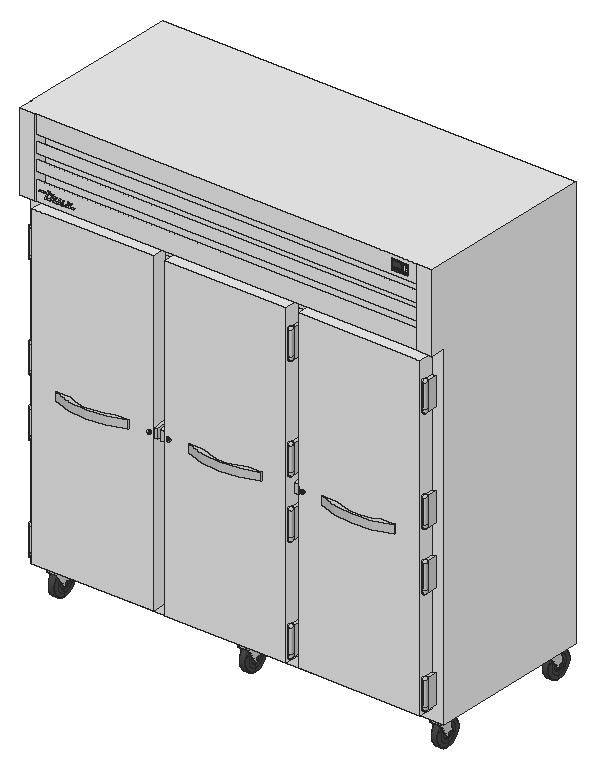
Revit family (continued)
Dimensions and locks (in)
  locked: cut or joined group of Extrusion 1, Extrusion 2, Extrusion 3, Extrusion 4, Extrusion 5 to cut or joined group of Extrusion 1, Extrusion 2, Extrusion 3, Extrusion 4, Extrusion 5 at 2.8125
  locked: cut or joined group of Extrusion 1, Extrusion 2, Extrusion 3, Extrusion 4, Extrusion 5 to cut or joined group of Extrusion 1, Extrusion 2, Extrusion 3, Extrusion 4, Extrusion 5 at 2.96875
  equal spacing: plane 3 "LEFT", plane 9, plane 4 "RIGHT"
  Extrusion 21 to plane 3 "LEFT" = 2 9/32"
  plane 4 "RIGHT" to Extrusion 21 = 2 9/32"
  Extrusion 21 to Extrusion 21 = 22 15/16"  (x3)
  Extrusion 71 to Extrusion 21 = 29 7/32"
  Extrusion 21 to Extrusion 71 = 29 7/32"
  Extrusion 21 to Extrusion 88 = 29 7/32"
  Extrusion 88 to Extrusion 21 = 29 7/32"
  Extrusion 21 to Extrusion 89 = 29 7/32"
  Extrusion 89 to Extrusion 21 = 29 7/32"
  aligned and locked: level to plane 2
Automatic sketch dimensions
  Extrusion 3 sketch curve to plane 8 = 0"  (x4)
  Extrusion 3 sketch curve to plane 6 "TOP" = 0"
  plane 8 to Extrusion 3 sketch curve = 2.2042"
  Extrusion 3 sketch curve to Extrusion 3 sketch curve = 0"  (x2)
  Extrusion 3 sketch curve to plane 7 = 0"
  plane 8 to Extrusion 3 sketch curve = 2.7042"
  Extrusion 3 sketch curve to Extrusion 3 sketch curve = 1/2"
  plane 1 "BACK" to Extrusion 3 sketch curve = 2"
  plane 1 "BACK" to Extrusion 3 sketch curve = 0"
  plane 7 to Extrusion 3 sketch curve = 3.86127"
  Extrusion 3 sketch curve to plane 6 "TOP" = 17 5/32"
  Extrusion 3 sketch curve to Extrusion 3 sketch curve = 2 17/32"
  Extrusion 3 sketch curve to Extrusion 3 sketch curve = 2 1/8"
  Extrusion 3 sketch curve to Extrusion 3 sketch curve = 1.27557"  (x2)
  Extrusion 3 sketch curve to Extrusion 3 sketch curve = 0.29169"
  Extrusion 3 sketch curve to Extrusion 3 sketch curve = 2.0962"  (x2)
  Extrusion 3 sketch curve to Extrusion 3 sketch curve = 0.96076"  (x2)
  Extrusion 3 sketch curve to Extrusion 3 sketch curve = 2.13371"  (x2)
  Extrusion 3 sketch curve to Extrusion 3 sketch curve = 1.12227"  (x2)
  Extrusion 7 sketch curve to plane 7 = 0.63926"  (x2)
  Extrusion 7 sketch curve to plane 5 "FRONT" = 3.79864"
  Extrusion 7 sketch curve to Extrusion 7 sketch curve = 1/4"  (x2)
  level to Extrusion 7 sketch curve = 2.18736"  (x2)
  Extrusion 7 sketch curve to Extrusion 7 sketch curve = 1.7492"
  Extrusion 7 sketch curve to Extrusion 7 sketch curve = 0.50669"  (x2)
  Extrusion 7 sketch curve to Extrusion 7 sketch curve = 2 1/2"
  level to Extrusion 7 sketch curve = 2.59003"
  Extrusion 7 sketch curve to Extrusion 7 sketch curve = 0.59966"  (x2)
  plane 1 "BACK" to Extrusion 7 sketch curve = 3.8577"
  plane 1 "BACK" to Extrusion 7 sketch curve = 1.8585"
  plane 1 "BACK" to Extrusion 7 sketch curve = 1.1077"
  Extrusion 7 sketch curve to Extrusion 7 sketch curve = 0.32905"
  Extrusion 7 sketch curve to Extrusion 7 sketch curve = 0.60485"  (x2)
  Extrusion 8 sketch curve to plane 7 = 0.63926"  (x2)
  Extrusion 8 sketch curve to plane 5 "FRONT" = 3.79864"
  Extrusion 8 sketch curve to Extrusion 8 sketch curve = 1/4"  (x2)
  level to Extrusion 8 sketch curve = 2.18736"  (x2)
  Extrusion 8 sketch curve to Extrusion 8 sketch curve = 1.7492"
  Extrusion 8 sketch curve to Extrusion 8 sketch curve = 0.50669"  (x2)
  Extrusion 8 sketch curve to Extrusion 8 sketch curve = 2 1/2"
  level to Extrusion 8 sketch curve = 2.59003"
  Extrusion 8 sketch curve to Extrusion 8 sketch curve = 0.59966"  (x2)
  plane 1 "BACK" to Extrusion 8 sketch curve = 3.8577"
  plane 1 "BACK" to Extrusion 8 sketch curve = 1.8585"
  plane 1 "BACK" to Extrusion 8 sketch curve = 1.1077"
  Extrusion 8 sketch curve to Extrusion 8 sketch curve = 0.32905"
  Extrusion 8 sketch curve to Extrusion 8 sketch curve = 0.60485"  (x2)
  Extrusion 11 sketch curve to plane 7 = 0.63926"  (x2)
  Extrusion 11 sketch curve to plane 5 "FRONT" = 3.79864"
  Extrusion 11 sketch curve to Extrusion 11 sketch curve = 1/4"  (x2)
  Extrusion 11 sketch curve to Extrusion 11 sketch curve = 2 1/2"
  Extrusion 11 sketch curve to plane 7 = 0.93273"  (x2)
  Extrusion 11 sketch curve to Extrusion 11 sketch curve = 0.03603"
  plane 1 "BACK" to Extrusion 11 sketch curve = 3.8577"
  Extrusion 11 sketch curve to plane 7 = 1.24411"
  plane 1 "BACK" to Extrusion 11 sketch curve = 1.1077"
  Extrusion 13 sketch curve to plane 7 = 0.63926"  (x2)
  Extrusion 13 sketch curve to plane 5 "FRONT" = 3.79864"
  Extrusion 13 sketch curve to Extrusion 13 sketch curve = 1/4"  (x2)
  level to Extrusion 13 sketch curve = 2.18736"  (x2)
  Extrusion 13 sketch curve to Extrusion 13 sketch curve = 1.7492"
  Extrusion 13 sketch curve to Extrusion 13 sketch curve = 0.50669"  (x2)
  Extrusion 13 sketch curve to Extrusion 13 sketch curve = 2 1/2"
  level to Extrusion 13 sketch curve = 2.59003"
  Extrusion 13 sketch curve to Extrusion 13 sketch curve = 0.59966"  (x2)
  plane 1 "BACK" to Extrusion 13 sketch curve = 3.8577"
  plane 1 "BACK" to Extrusion 13 sketch curve = 1.8585"
  plane 1 "BACK" to Extrusion 13 sketch curve = 1.1077"
  Extrusion 13 sketch curve to Extrusion 13 sketch curve = 0.32905"
  Extrusion 13 sketch curve to Extrusion 13 sketch curve = 0.60485"  (x2)
  Extrusion 14 sketch curve to plane 7 = 0.63926"  (x2)
  Extrusion 14 sketch curve to plane 5 "FRONT" = 3.79864"
  Extrusion 14 sketch curve to Extrusion 14 sketch curve = 1/4"  (x2)
  level to Extrusion 14 sketch curve = 2.18736"  (x2)
  Extrusion 14 sketch curve to Extrusion 14 sketch curve = 1.7492"
  Extrusion 14 sketch curve to Extrusion 14 sketch curve = 0.50669"  (x2)
  Extrusion 14 sketch curve to Extrusion 14 sketch curve = 2 1/2"
  level to Extrusion 14 sketch curve = 2.59003"
  Extrusion 14 sketch curve to Extrusion 14 sketch curve = 0.59966"  (x2)
  plane 1 "BACK" to Extrusion 14 sketch curve = 3.8577"
  plane 1 "BACK" to Extrusion 14 sketch curve = 1.8585"
  plane 1 "BACK" to Extrusion 14 sketch curve = 1.1077"
  Extrusion 14 sketch curve to Extrusion 14 sketch curve = 0.32905"
  Extrusion 14 sketch curve to Extrusion 14 sketch curve = 0.60485"  (x2)
  Extrusion 17 sketch curve to plane 7 = 0.63926"  (x2)
  Extrusion 17 sketch curve to plane 5 "FRONT" = 3.79864"
  Extrusion 17 sketch curve to Extrusion 17 sketch curve = 1/4"  (x2)
  Extrusion 17 sketch curve to Extrusion 17 sketch curve = 2 1/2"
  Extrusion 17 sketch curve to plane 7 = 0.93273"  (x2)
  Extrusion 17 sketch curve to Extrusion 17 sketch curve = 0.03603"
  plane 1 "BACK" to Extrusion 17 sketch curve = 3.8577"
  Extrusion 17 sketch curve to plane 7 = 1.24411"
  plane 1 "BACK" to Extrusion 17 sketch curve = 1.1077"
  Extrusion 23 sketch curve to plane 5 "FRONT" = 1/2"
  Extrusion 23 sketch curve to Extrusion 23 sketch curve = 0.43503"
  Extrusion 23 sketch curve to Extrusion 23 sketch curve = 0.20453"
  Extrusion 23 sketch curve to Extrusion 23 sketch curve = 1.61044"
  Extrusion 23 sketch curve to plane 6 "TOP" = 24.88873"
  Extrusion 23 sketch curve to Extrusion 23 sketch curve = 0.71221"
  Extrusion 23 sketch curve to Extrusion 23 sketch curve = 4.39928"
  Revolve 24 sketch curve to plane 5 "FRONT" = 0.07771"  (x2)
  Revolve 24 sketch curve to Revolve 24 sketch curve = 0.38242"
  Revolve 24 sketch curve to Revolve 24 sketch curve = 0.38436"
  Revolve 24 sketch curve to plane 5 "FRONT" = 31/64"
  Revolve 24 sketch curve to Revolve 24 sketch curve = 0.40666"
  Revolve 24 sketch curve to Revolve 24 sketch curve = 0"
  Revolve 24 sketch curve to plane 6 "TOP" = 25.07719"
  Revolve 24 sketch curve to Revolve 24 sketch curve = 0.32931"
  Revolve 24 sketch curve to Revolve 24 sketch curve = 0.51246"
  Revolve 24 sketch curve to Revolve 24 sketch curve = 0.05342"
  Revolve 24 sketch curve to Revolve 24 sketch curve = 4.42889"
  Revolve 24 sketch curve to Revolve 24 sketch curve = 0.04281"
  Revolve 24 sketch curve to Revolve 24 sketch curve = 0.18929"
  Revolve 24 sketch curve to Revolve 24 sketch curve = 0.55526"
  Extrusion 26 sketch curve to plane 5 "FRONT" = 1/2"
  Extrusion 26 sketch curve to Extrusion 26 sketch curve = 0.43503"
  Extrusion 26 sketch curve to Extrusion 26 sketch curve = 0.20453"
  Extrusion 26 sketch curve to Extrusion 26 sketch curve = 1.61044"
  plane 7 to Extrusion 26 sketch curve = 33.61127"
  Extrusion 26 sketch curve to Extrusion 26 sketch curve = 0.71221"
  Extrusion 26 sketch curve to Extrusion 26 sketch curve = 4.39928"
  Revolve 27 sketch curve to plane 5 "FRONT" = 0.07771"  (x2)
  Revolve 27 sketch curve to Revolve 27 sketch curve = 0.38242"
  Revolve 27 sketch curve to Revolve 27 sketch curve = 0.38436"
  Revolve 27 sketch curve to plane 5 "FRONT" = 31/64"
  Revolve 27 sketch curve to Revolve 27 sketch curve = 0.40666"
  Revolve 27 sketch curve to Revolve 27 sketch curve = 0"
  plane 7 to Revolve 27 sketch curve = 33.42281"
  Revolve 27 sketch curve to Revolve 27 sketch curve = 0.32931"
  Revolve 27 sketch curve to Revolve 27 sketch curve = 0.51246"
  Revolve 27 sketch curve to Revolve 27 sketch curve = 0.05342"
  Revolve 27 sketch curve to Revolve 27 sketch curve = 4.42889"
  Revolve 27 sketch curve to Revolve 27 sketch curve = 0.04281"
  Revolve 27 sketch curve to Revolve 27 sketch curve = 0.18929"
  Revolve 27 sketch curve to Revolve 27 sketch curve = 0.55526"
  Extrusion 29 sketch curve to plane 5 "FRONT" = 1/2"
  Extrusion 29 sketch curve to Extrusion 29 sketch curve = 0.43503"
  Extrusion 29 sketch curve to Extrusion 29 sketch curve = 0.20453"
  Extrusion 29 sketch curve to Extrusion 29 sketch curve = 1.61044"
  plane 7 to Extrusion 29 sketch curve = 22.61127"
  Extrusion 29 sketch curve to Extrusion 29 sketch curve = 0.71221"
  Extrusion 29 sketch curve to Extrusion 29 sketch curve = 4.39928"
  Revolve 30 sketch curve to plane 5 "FRONT" = 0.07771"  (x2)
  Revolve 30 sketch curve to Revolve 30 sketch curve = 0.38242"
  Revolve 30 sketch curve to Revolve 30 sketch curve = 0.38436"
  Revolve 30 sketch curve to plane 5 "FRONT" = 31/64"
  Revolve 30 sketch curve to Revolve 30 sketch curve = 0.40666"
  Revolve 30 sketch curve to Revolve 30 sketch curve = 0"
  plane 7 to Revolve 30 sketch curve = 22.42281"
  Revolve 30 sketch curve to Revolve 30 sketch curve = 0.32931"
  Revolve 30 sketch curve to Revolve 30 sketch curve = 0.51246"
  Revolve 30 sketch curve to Revolve 30 sketch curve = 0.05342"
  Revolve 30 sketch curve to Revolve 30 sketch curve = 4.42889"
  Revolve 30 sketch curve to Revolve 30 sketch curve = 0.04281"
  Revolve 30 sketch curve to Revolve 30 sketch curve = 0.18929"
  Revolve 30 sketch curve to Revolve 30 sketch curve = 0.55526"
  Extrusion 32 sketch curve to plane 5 "FRONT" = 1/2"
  Extrusion 32 sketch curve to Extrusion 32 sketch curve = 0.43503"
  Extrusion 32 sketch curve to Extrusion 32 sketch curve = 0.20453"
  Extrusion 32 sketch curve to Extrusion 32 sketch curve = 1.61044"
  plane 7 to Extrusion 32 sketch curve = 2.86127"
  Extrusion 32 sketch curve to Extrusion 32 sketch curve = 0.71221"
  Extrusion 32 sketch curve to Extrusion 32 sketch curve = 4.39928"
  Revolve 33 sketch curve to plane 5 "FRONT" = 0.07771"  (x2)
  Revolve 33 sketch curve to Revolve 33 sketch curve = 0.38242"
  Revolve 33 sketch curve to Revolve 33 sketch curve = 0.38436"
  Revolve 33 sketch curve to plane 5 "FRONT" = 31/64"
  Revolve 33 sketch curve to Revolve 33 sketch curve = 0.40666"
  Revolve 33 sketch curve to Revolve 33 sketch curve = 0"
  plane 7 to Revolve 33 sketch curve = 2.67281"
  Revolve 33 sketch curve to Revolve 33 sketch curve = 0.32931"
  Revolve 33 sketch curve to Revolve 33 sketch curve = 0.51246"
  Revolve 33 sketch curve to Revolve 33 sketch curve = 0.05342"
  Revolve 33 sketch curve to Revolve 33 sketch curve = 4.42889"
  Revolve 33 sketch curve to Revolve 33 sketch curve = 0.04281"
  Revolve 33 sketch curve to Revolve 33 sketch curve = 0.18929"
  Revolve 33 sketch curve to Revolve 33 sketch curve = 0.55526"
  Extrusion 35 sketch curve to plane 5 "FRONT" = 1/2"
  Extrusion 35 sketch curve to Extrusion 35 sketch curve = 0.43503"
  Extrusion 35 sketch curve to Extrusion 35 sketch curve = 0.20453"
  Extrusion 35 sketch curve to Extrusion 35 sketch curve = 1.61044"
  Extrusion 35 sketch curve to plane 6 "TOP" = 19.57271"
  Extrusion 35 sketch curve to Extrusion 35 sketch curve = 4.39928"
  Extrusion 35 sketch curve to Extrusion 35 sketch curve = 0.71221"
  Revolve 36 sketch curve to plane 5 "FRONT" = 0.07771"  (x2)
  Revolve 36 sketch curve to Revolve 36 sketch curve = 0.38242"
  Revolve 36 sketch curve to Revolve 36 sketch curve = 0.38436"
  Revolve 36 sketch curve to plane 5 "FRONT" = 31/64"
  Revolve 36 sketch curve to Revolve 36 sketch curve = 0.40666"
  Revolve 36 sketch curve to Revolve 36 sketch curve = 0"
  Revolve 36 sketch curve to plane 6 "TOP" = 18.75492"
  Revolve 36 sketch curve to Revolve 36 sketch curve = 0.55526"
  Revolve 36 sketch curve to Revolve 36 sketch curve = 0.19474"
  Revolve 36 sketch curve to Revolve 36 sketch curve = 0.14649"
  Revolve 36 sketch curve to Revolve 36 sketch curve = 4.42889"
  Revolve 36 sketch curve to Revolve 36 sketch curve = 0.05342"
  Revolve 36 sketch curve to Revolve 36 sketch curve = 0.51246"
  Revolve 36 sketch curve to Revolve 36 sketch curve = 0.05889"
  plane 9 to Extrusion 37 sketch curve = 11.71009"
  Extrusion 37 sketch curve to Extrusion 37 sketch curve = 0.39759"
  Extrusion 37 sketch curve to plane 6 "TOP" = 19.6514"
  Extrusion 37 sketch curve to Extrusion 37 sketch curve = 4.47281"
  Extrusion 38 sketch curve to plane 5 "FRONT" = 1/2"
  Extrusion 38 sketch curve to Extrusion 38 sketch curve = 0.43503"
  Extrusion 38 sketch curve to Extrusion 38 sketch curve = 0.20453"
  Extrusion 38 sketch curve to Extrusion 38 sketch curve = 1.61044"
  plane 7 to Extrusion 38 sketch curve = 38.92729"
  Extrusion 38 sketch curve to Extrusion 38 sketch curve = 4.39928"
  Extrusion 38 sketch curve to Extrusion 38 sketch curve = 0.71221"
  Revolve 39 sketch curve to plane 5 "FRONT" = 0.07771"  (x2)
  Revolve 39 sketch curve to Revolve 39 sketch curve = 0.38242"
  Revolve 39 sketch curve to Revolve 39 sketch curve = 0.38436"
  Revolve 39 sketch curve to plane 5 "FRONT" = 31/64"
  Revolve 39 sketch curve to Revolve 39 sketch curve = 0.40666"
  Revolve 39 sketch curve to Revolve 39 sketch curve = 0"
  Revolve 39 sketch curve to plane 6 "TOP" = 38.25492"
  Revolve 39 sketch curve to Revolve 39 sketch curve = 0.55526"
  Revolve 39 sketch curve to Revolve 39 sketch curve = 0.19474"
  Revolve 39 sketch curve to Revolve 39 sketch curve = 0.14649"
  Revolve 39 sketch curve to Revolve 39 sketch curve = 4.42889"
  Revolve 39 sketch curve to Revolve 39 sketch curve = 0.05342"
  Revolve 39 sketch curve to Revolve 39 sketch curve = 0.51246"
  Revolve 39 sketch curve to Revolve 39 sketch curve = 0.05889"
  plane 9 to Extrusion 40 sketch curve = 11.71009"
  Extrusion 40 sketch curve to Extrusion 40 sketch curve = 0.39759"
  plane 7 to Extrusion 40 sketch curve = 38.8486"
  Extrusion 40 sketch curve to Extrusion 40 sketch curve = 4.47281"
  Extrusion 41 sketch curve to plane 5 "FRONT" = 1/2"
  Extrusion 41 sketch curve to Extrusion 41 sketch curve = 0.43503"
  Extrusion 41 sketch curve to Extrusion 41 sketch curve = 0.20453"
  Extrusion 41 sketch curve to Extrusion 41 sketch curve = 1.61044"
  plane 7 to Extrusion 41 sketch curve = 27.92729"
  Extrusion 41 sketch curve to Extrusion 41 sketch curve = 4.39928"
  Extrusion 41 sketch curve to Extrusion 41 sketch curve = 0.71221"
  Revolve 42 sketch curve to plane 5 "FRONT" = 0.07771"  (x2)
  Revolve 42 sketch curve to Revolve 42 sketch curve = 0.38242"
  Revolve 42 sketch curve to Revolve 42 sketch curve = 0.38436"
  Revolve 42 sketch curve to plane 5 "FRONT" = 31/64"
  Revolve 42 sketch curve to Revolve 42 sketch curve = 0.40666"
  Revolve 42 sketch curve to Revolve 42 sketch curve = 0"
  plane 7 to Revolve 42 sketch curve = 28.74508"
  Revolve 42 sketch curve to Revolve 42 sketch curve = 0.55526"
  Revolve 42 sketch curve to Revolve 42 sketch curve = 0.19474"
  Revolve 42 sketch curve to Revolve 42 sketch curve = 0.14649"
  Revolve 42 sketch curve to Revolve 42 sketch curve = 4.42889"
  Revolve 42 sketch curve to Revolve 42 sketch curve = 0.05342"
  Revolve 42 sketch curve to Revolve 42 sketch curve = 0.51246"
  Revolve 42 sketch curve to Revolve 42 sketch curve = 0.05889"
  plane 9 to Extrusion 43 sketch curve = 11.71009"
  Extrusion 43 sketch curve to Extrusion 43 sketch curve = 0.39759"
  plane 7 to Extrusion 43 sketch curve = 27.8486"
  Extrusion 43 sketch curve to Extrusion 43 sketch curve = 4.47281"
  Extrusion 44 sketch curve to plane 5 "FRONT" = 1/2"
  Extrusion 44 sketch curve to Extrusion 44 sketch curve = 0.43503"
  Extrusion 44 sketch curve to Extrusion 44 sketch curve = 0.20453"
  Extrusion 44 sketch curve to Extrusion 44 sketch curve = 1.61044"
  plane 7 to Extrusion 44 sketch curve = 8.17729"
  plane 7 to Extrusion 44 sketch curve = 3.57348"
  Extrusion 44 sketch curve to Extrusion 44 sketch curve = 0.71221"
  Revolve 45 sketch curve to plane 5 "FRONT" = 0.07771"  (x2)
  Revolve 45 sketch curve to Revolve 45 sketch curve = 0.38242"
  Revolve 45 sketch curve to Revolve 45 sketch curve = 0.38436"
  Revolve 45 sketch curve to plane 5 "FRONT" = 31/64"
  Revolve 45 sketch curve to Revolve 45 sketch curve = 0.40666"
  Revolve 45 sketch curve to Revolve 45 sketch curve = 0"
  plane 7 to Revolve 45 sketch curve = 8.99508"
  Revolve 45 sketch curve to Revolve 45 sketch curve = 0.55526"
  Revolve 45 sketch curve to Revolve 45 sketch curve = 0.19474"
  Revolve 45 sketch curve to Revolve 45 sketch curve = 0.14649"
  plane 7 to Revolve 45 sketch curve = 3.62689"
  Revolve 45 sketch curve to Revolve 45 sketch curve = 0.05342"
  Revolve 45 sketch curve to Revolve 45 sketch curve = 0.51246"
  Revolve 45 sketch curve to Revolve 45 sketch curve = 0.05889"
  plane 7 to Extrusion 46 sketch curve = 3.62579"
  plane 9 to Extrusion 46 sketch curve = 11.71009"
  Extrusion 46 sketch curve to Extrusion 46 sketch curve = 0.39759"
  Extrusion 46 sketch curve to Extrusion 46 sketch curve = 4.47281"
  Extrusion 57 sketch curve to plane 5 "FRONT" = 2 3/4"  (x2)
  Extrusion 57 sketch curve to Extrusion 57 sketch curve = 1"  (x2)
  plane 9 to Extrusion 57 sketch curve = 14 21/32"
  Extrusion 57 sketch curve to Extrusion 57 sketch curve = 4 1/32"  (x2)
  Extrusion 57 sketch curve to plane 9 = 10 5/8"
  Extrusion 58 sketch curve to plane 5 "FRONT" = 1/2"
  Extrusion 58 sketch curve to Extrusion 58 sketch curve = 0.43503"
  Extrusion 58 sketch curve to Extrusion 58 sketch curve = 0.20453"
  Extrusion 58 sketch curve to Extrusion 58 sketch curve = 1.61044"
  Extrusion 58 sketch curve to plane 6 "TOP" = 19.57271"
  Extrusion 58 sketch curve to Extrusion 58 sketch curve = 4.39928"
  Extrusion 58 sketch curve to Extrusion 58 sketch curve = 0.71221"
  Revolve 59 sketch curve to plane 5 "FRONT" = 0.07771"  (x2)
  Revolve 59 sketch curve to Revolve 59 sketch curve = 0.38242"
  Revolve 59 sketch curve to Revolve 59 sketch curve = 0.38436"
  Revolve 59 sketch curve to plane 5 "FRONT" = 31/64"
  Revolve 59 sketch curve to Revolve 59 sketch curve = 0.40666"
  Revolve 59 sketch curve to Revolve 59 sketch curve = 0"
  Revolve 59 sketch curve to plane 6 "TOP" = 18.75492"
  Revolve 59 sketch curve to Revolve 59 sketch curve = 0.55526"
  Revolve 59 sketch curve to Revolve 59 sketch curve = 0.19474"
  Revolve 59 sketch curve to Revolve 59 sketch curve = 0.14649"
  Revolve 59 sketch curve to Revolve 59 sketch curve = 4.42889"
  Revolve 59 sketch curve to Revolve 59 sketch curve = 0.05342"
  Revolve 59 sketch curve to Revolve 59 sketch curve = 0.51246"
  Revolve 59 sketch curve to Revolve 59 sketch curve = 0.05889"
  Extrusion 61 sketch curve to plane 5 "FRONT" = 1/2"
  Extrusion 61 sketch curve to Extrusion 61 sketch curve = 0.43503"
  Extrusion 61 sketch curve to Extrusion 61 sketch curve = 0.20453"
  Extrusion 61 sketch curve to Extrusion 61 sketch curve = 1.61044"
  plane 7 to Extrusion 61 sketch curve = 38.92729"
  Extrusion 61 sketch curve to Extrusion 61 sketch curve = 4.39928"
  Extrusion 61 sketch curve to Extrusion 61 sketch curve = 0.71221"
  Revolve 62 sketch curve to plane 5 "FRONT" = 0.07771"  (x2)
  Revolve 62 sketch curve to Revolve 62 sketch curve = 0.38242"
  Revolve 62 sketch curve to Revolve 62 sketch curve = 0.38436"
  Revolve 62 sketch curve to plane 5 "FRONT" = 31/64"
  Revolve 62 sketch curve to Revolve 62 sketch curve = 0.40666"
  Revolve 62 sketch curve to Revolve 62 sketch curve = 0"
  Revolve 62 sketch curve to plane 6 "TOP" = 38.25492"
  Revolve 62 sketch curve to Revolve 62 sketch curve = 0.55526"
  Revolve 62 sketch curve to Revolve 62 sketch curve = 0.19474"
  Revolve 62 sketch curve to Revolve 62 sketch curve = 0.14649"
  Revolve 62 sketch curve to Revolve 62 sketch curve = 4.42889"
  Revolve 62 sketch curve to Revolve 62 sketch curve = 0.05342"
  Revolve 62 sketch curve to Revolve 62 sketch curve = 0.51246"
  Revolve 62 sketch curve to Revolve 62 sketch curve = 0.05889"
  Extrusion 64 sketch curve to plane 5 "FRONT" = 1/2"
  Extrusion 64 sketch curve to Extrusion 64 sketch curve = 0.43503"
  Extrusion 64 sketch curve to Extrusion 64 sketch curve = 0.20453"
  Extrusion 64 sketch curve to Extrusion 64 sketch curve = 1.61044"
  plane 7 to Extrusion 64 sketch curve = 27.92729"
  Extrusion 64 sketch curve to Extrusion 64 sketch curve = 4.39928"
  Extrusion 64 sketch curve to Extrusion 64 sketch curve = 0.71221"
  Revolve 65 sketch curve to plane 5 "FRONT" = 0.07771"  (x2)
  Revolve 65 sketch curve to Revolve 65 sketch curve = 0.38242"
  Revolve 65 sketch curve to Revolve 65 sketch curve = 0.38436"
  Revolve 65 sketch curve to plane 5 "FRONT" = 31/64"
  Revolve 65 sketch curve to Revolve 65 sketch curve = 0.40666"
  Revolve 65 sketch curve to Revolve 65 sketch curve = 0"
  plane 7 to Revolve 65 sketch curve = 28.74508"
  Revolve 65 sketch curve to Revolve 65 sketch curve = 0.55526"
  Revolve 65 sketch curve to Revolve 65 sketch curve = 0.19474"
  Revolve 65 sketch curve to Revolve 65 sketch curve = 0.14649"
  Revolve 65 sketch curve to Revolve 65 sketch curve = 4.42889"
  Revolve 65 sketch curve to Revolve 65 sketch curve = 0.05342"
  Revolve 65 sketch curve to Revolve 65 sketch curve = 0.51246"
  Revolve 65 sketch curve to Revolve 65 sketch curve = 0.05889"
  Extrusion 67 sketch curve to plane 5 "FRONT" = 1/2"
  Extrusion 67 sketch curve to Extrusion 67 sketch curve = 0.43503"
  Extrusion 67 sketch curve to Extrusion 67 sketch curve = 0.20453"
  Extrusion 67 sketch curve to Extrusion 67 sketch curve = 1.61044"
  plane 7 to Extrusion 67 sketch curve = 8.17729"
  plane 7 to Extrusion 67 sketch curve = 3.57348"
  Extrusion 67 sketch curve to Extrusion 67 sketch curve = 0.71221"
  Revolve 68 sketch curve to plane 5 "FRONT" = 0.07771"  (x2)
  Revolve 68 sketch curve to Revolve 68 sketch curve = 0.38242"
  Revolve 68 sketch curve to Revolve 68 sketch curve = 0.38436"
  Revolve 68 sketch curve to plane 5 "FRONT" = 31/64"
  Revolve 68 sketch curve to Revolve 68 sketch curve = 0.40666"
  Revolve 68 sketch curve to Revolve 68 sketch curve = 0"
  plane 7 to Revolve 68 sketch curve = 8.99508"
  Revolve 68 sketch curve to Revolve 68 sketch curve = 0.55526"
  Revolve 68 sketch curve to Revolve 68 sketch curve = 0.19474"
  Revolve 68 sketch curve to Revolve 68 sketch curve = 0.14649"
  plane 7 to Revolve 68 sketch curve = 3.62689"
  Revolve 68 sketch curve to Revolve 68 sketch curve = 0.05342"
  Revolve 68 sketch curve to Revolve 68 sketch curve = 0.51246"
  Revolve 68 sketch curve to Revolve 68 sketch curve = 0.05889"
  Extrusion 70 sketch curve to plane 9 = 14 121/256"
  Extrusion 70 sketch curve to Extrusion 70 sketch curve = 9/256"
  Extrusion 70 sketch curve to Extrusion 70 sketch curve = 0.0555"  (x2)
  Extrusion 70 sketch curve to Extrusion 70 sketch curve = 3.58431"
  Extrusion 70 sketch curve to Extrusion 70 sketch curve = 0.02035"
  plane 7 to Extrusion 70 sketch curve = 31.64395"
  Extrusion 70 sketch curve to Extrusion 70 sketch curve = 0"
  Extrusion 70 sketch curve to Extrusion 70 sketch curve = 0.29355"  (x2)
  Extrusion 70 sketch curve to Extrusion 70 sketch curve = 0.27385"  (x2)
  Blend 72 sketch curve to plane 9 = 13 21/32"  (x2)
  Blend 72 sketch curve to Blend 72 sketch curve = 3/4"
  plane 7 to Blend 72 sketch curve = 31.11669"
  Blend 72 sketch curve to Blend 72 sketch curve = 1 3/4"
  Blend 72 sketch curve to Blend 72 sketch curve = 0.93223"
  plane 7 to Blend 72 sketch curve = 30.5191"
  Blend 72 sketch curve to Blend 72 sketch curve = 2.78233"
  Blend 73 sketch curve to plane 9 = 11 5/8"
  Blend 73 sketch curve to Blend 73 sketch curve = 3/4"
  plane 7 to Blend 73 sketch curve = 32.86669"
  Blend 73 sketch curve to Blend 73 sketch curve = 1 3/4"
  plane 9 to Blend 73 sketch curve = 11 5/8"
  Blend 73 sketch curve to Blend 73 sketch curve = 0.93223"
  Blend 73 sketch curve to plane 7 = 30.5191"
  Blend 73 sketch curve to Blend 73 sketch curve = 2.78233"
  plane 9 to Extrusion 75 sketch curve = 14.4484"
  Extrusion 75 sketch curve to Extrusion 75 sketch curve = 0.02035"
  Extrusion 75 sketch curve to Extrusion 75 sketch curve = 0.0555"
  plane 7 to Extrusion 75 sketch curve = 31.64395"
  Extrusion 75 sketch curve to Extrusion 75 sketch curve = 0.29355"
  Extrusion 75 sketch curve to Extrusion 75 sketch curve = 0.27385"
  plane 9 to Blend 76 sketch curve = 13 21/32"
  Blend 76 sketch curve to Blend 76 sketch curve = 3/4"
  plane 7 to Blend 76 sketch curve = 32.86669"
  Blend 76 sketch curve to Blend 76 sketch curve = 1 3/4"
  Blend 76 sketch curve to plane 9 = 13 21/32"
  Blend 76 sketch curve to Blend 76 sketch curve = 0.93223"
  Blend 76 sketch curve to plane 7 = 30.5191"
  Blend 76 sketch curve to Blend 76 sketch curve = 2.78233"
  Extrusion 77 sketch curve to plane 7 = 0.63926"  (x2)
  Extrusion 77 sketch curve to plane 5 "FRONT" = 3.79864"
  Extrusion 77 sketch curve to Extrusion 77 sketch curve = 1/4"  (x2)
  level to Extrusion 77 sketch curve = 2.18736"  (x2)
  Extrusion 77 sketch curve to Extrusion 77 sketch curve = 1.7492"
  Extrusion 77 sketch curve to Extrusion 77 sketch curve = 0.50669"  (x2)
  Extrusion 77 sketch curve to Extrusion 77 sketch curve = 2 1/2"
  level to Extrusion 77 sketch curve = 2.59003"
  Extrusion 77 sketch curve to Extrusion 77 sketch curve = 0.59966"  (x2)
  plane 1 "BACK" to Extrusion 77 sketch curve = 3.8577"
  plane 1 "BACK" to Extrusion 77 sketch curve = 1.8585"
  plane 1 "BACK" to Extrusion 77 sketch curve = 1.1077"
  Extrusion 77 sketch curve to Extrusion 77 sketch curve = 0.32905"
  Extrusion 77 sketch curve to Extrusion 77 sketch curve = 0.60485"  (x2)
  Extrusion 78 sketch curve to plane 7 = 0.63926"  (x2)
  Extrusion 78 sketch curve to plane 5 "FRONT" = 3.79864"
  Extrusion 78 sketch curve to Extrusion 78 sketch curve = 1/4"  (x2)
  level to Extrusion 78 sketch curve = 2.18736"  (x2)
  Extrusion 78 sketch curve to Extrusion 78 sketch curve = 1.7492"
  Extrusion 78 sketch curve to Extrusion 78 sketch curve = 0.50669"  (x2)
  Extrusion 78 sketch curve to Extrusion 78 sketch curve = 2 1/2"
  level to Extrusion 78 sketch curve = 2.59003"
  Extrusion 78 sketch curve to Extrusion 78 sketch curve = 0.59966"  (x2)
  plane 1 "BACK" to Extrusion 78 sketch curve = 3.8577"
  plane 1 "BACK" to Extrusion 78 sketch curve = 1.8585"
  plane 1 "BACK" to Extrusion 78 sketch curve = 1.1077"
  Extrusion 78 sketch curve to Extrusion 78 sketch curve = 0.32905"
  Extrusion 78 sketch curve to Extrusion 78 sketch curve = 0.60485"  (x2)
  Revolve 79 sketch curve to level = 0"
  Revolve 79 sketch curve to plane 9 = 0"  (x2)
  Revolve 79 sketch curve to Revolve 79 sketch curve = 1/2"
  Revolve 79 sketch curve to Revolve 79 sketch curve = 1/4"
  Revolve 79 sketch curve to plane 7 = 0"
  Revolve 79 sketch curve to Revolve 79 sketch curve = 1.33338"
  level to Revolve 79 sketch curve = 1"
  Revolve 79 sketch curve to Revolve 79 sketch curve = 5/8"
  plane 7 to Revolve 79 sketch curve = 1 25/32"
  Revolve 80 sketch curve to plane 9 = 0"  (x2)
  Revolve 80 sketch curve to plane 7 = 0.62954"
  Revolve 80 sketch curve to Revolve 80 sketch curve = 1.29707"
  Revolve 80 sketch curve to Revolve 80 sketch curve = 0.10278"
  Revolve 80 sketch curve to plane 7 = 0.00141"
  plane 7 to Revolve 80 sketch curve = 0.26768"
  Extrusion 81 sketch curve to plane 7 = 0.63926"  (x2)
  Extrusion 81 sketch curve to plane 5 "FRONT" = 3.79864"
  Extrusion 81 sketch curve to Extrusion 81 sketch curve = 1/4"  (x2)
  Extrusion 81 sketch curve to Extrusion 81 sketch curve = 2 1/2"
  Extrusion 81 sketch curve to plane 7 = 0.93273"  (x2)
  Extrusion 81 sketch curve to Extrusion 81 sketch curve = 0.03603"
  plane 1 "BACK" to Extrusion 81 sketch curve = 3.8577"
  Extrusion 81 sketch curve to plane 7 = 1.24411"
  plane 1 "BACK" to Extrusion 81 sketch curve = 1.1077"
  Revolve 82 sketch curve to plane 9 = 1.50773"
  Revolve 82 sketch curve to Revolve 82 sketch curve = 0.48273"
  Revolve 82 sketch curve to plane 9 = 5/8"  (x2)
  Revolve 82 sketch curve to Revolve 82 sketch curve = 0.1"  (x2)
  Revolve 82 sketch curve to Revolve 82 sketch curve = 0.16101"
  plane 9 to Revolve 82 sketch curve = 0.12908"
  plane 9 to Revolve 82 sketch curve = 0.46399"
  plane 9 to Revolve 82 sketch curve = 0.525"
  Revolve 82 sketch curve to Revolve 82 sketch curve = 1/2"
  Revolve 82 sketch curve to Revolve 82 sketch curve = 0.16509"
  Revolve 82 sketch curve to Revolve 82 sketch curve = 0.39592"
  level to Revolve 82 sketch curve = 2 1/2"
  Revolve 82 sketch curve to Revolve 82 sketch curve = 0"
  Revolve 82 sketch curve to Revolve 82 sketch curve = 0.29941"  (x2)
  Revolve 82 sketch curve to Revolve 82 sketch curve = 3/4"  (x4)
  Revolve 82 sketch curve to Revolve 82 sketch curve = 0.59652"
  Revolve 82 sketch curve to Revolve 82 sketch curve = 0.60059"
  Extrusion 83 sketch curve to plane 9 = 0"
  plane 1 "BACK" to Extrusion 83 sketch curve = 2.69102"
  Revolve 84 sketch curve to plane 9 = 1.50773"
  Revolve 84 sketch curve to Revolve 84 sketch curve = 0.48273"
  Revolve 84 sketch curve to plane 9 = 5/8"  (x2)
  Revolve 84 sketch curve to Revolve 84 sketch curve = 0.1"  (x2)
  Revolve 84 sketch curve to Revolve 84 sketch curve = 0.16101"
  plane 9 to Revolve 84 sketch curve = 0.12908"
  plane 9 to Revolve 84 sketch curve = 0.46399"
  plane 9 to Revolve 84 sketch curve = 0.525"
  Revolve 84 sketch curve to Revolve 84 sketch curve = 1/2"
  Revolve 84 sketch curve to Revolve 84 sketch curve = 0.16509"
  Revolve 84 sketch curve to Revolve 84 sketch curve = 0.39592"
  level to Revolve 84 sketch curve = 2 1/2"
  Revolve 84 sketch curve to Revolve 84 sketch curve = 0"
  Revolve 84 sketch curve to Revolve 84 sketch curve = 0.29941"  (x2)
  Revolve 84 sketch curve to Revolve 84 sketch curve = 3/4"  (x4)
  Revolve 84 sketch curve to Revolve 84 sketch curve = 0.59652"
  Revolve 84 sketch curve to Revolve 84 sketch curve = 0.60059"
  Revolve 85 sketch curve to plane 9 = 0"  (x2)
  Revolve 85 sketch curve to plane 7 = 0.62954"
  Revolve 85 sketch curve to Revolve 85 sketch curve = 1.29707"
  Revolve 85 sketch curve to Revolve 85 sketch curve = 0.10278"
  Revolve 85 sketch curve to plane 7 = 0.00141"
  plane 7 to Revolve 85 sketch curve = 0.26768"
  Revolve 86 sketch curve to level = 0"
  Revolve 86 sketch curve to plane 9 = 0"  (x2)
  Revolve 86 sketch curve to Revolve 86 sketch curve = 1/2"
  Revolve 86 sketch curve to Revolve 86 sketch curve = 1/4"
  Revolve 86 sketch curve to plane 7 = 0"
  Revolve 86 sketch curve to Revolve 86 sketch curve = 1.33338"
  level to Revolve 86 sketch curve = 1"
  Revolve 86 sketch curve to Revolve 86 sketch curve = 5/8"
  plane 7 to Revolve 86 sketch curve = 1 25/32"
  Extrusion 87 sketch curve to plane 9 = 0"
  Extrusion 87 sketch curve to plane 5 "FRONT" = 5.09023"
  plane 5 "FRONT" to Extrusion 88 sketch curve = 0"  (x2)
  Extrusion 88 sketch curve to plane 9 = 6.8"
  Extrusion 88 sketch curve to Extrusion 88 sketch curve = 2.4"  (x2)
  Extrusion 88 sketch curve to plane 9 = 0"  (x2)
  plane 5 "FRONT" to Extrusion 88 sketch curve = 0.2"
  Extrusion 88 sketch curve to plane 5 "FRONT" = 7.77899"
  Extrusion 88 sketch curve to Extrusion 88 sketch curve = 7.30945"
  plane 5 "FRONT" to Extrusion 89 sketch curve = 0"  (x2)
  plane 9 to Extrusion 89 sketch curve = 18.325"
  Extrusion 89 sketch curve to Extrusion 89 sketch curve = 2.4"  (x2)
  Extrusion 89 sketch curve to Extrusion 89 sketch curve = 4.4"
  Extrusion 89 sketch curve to Extrusion 89 sketch curve = 0"
  plane 5 "FRONT" to Extrusion 89 sketch curve = 0.2"
  Extrusion 89 sketch curve to plane 5 "FRONT" = 7.77899"
  Extrusion 89 sketch curve to Extrusion 89 sketch curve = 7.30945"
  curve 25 to plane 3 "LEFT" = 0"
  plane 5 "FRONT" to curve 19 = 0"
  plane 1 "BACK" to curve 24 = 0"
  curve 24 to plane 4 "RIGHT" = 0"
  plane 3 "LEFT" to curve 10 = 1.20097"
  plane 3 "LEFT" to curve 2 = 1.20097"
  plane 3 "LEFT" to curve 19 = 2 1/4"
  curve 2 to curve 3 = 1.29904"
  curve 10 to curve 12 = 1.29904"
  plane 3 "LEFT" to curve 9 = 3.82597"
  plane 1 "BACK" to curve 2 = 0.4208"
  plane 3 "LEFT" to curve 2 = 3.82597"
  plane 5 "FRONT" to curve 36 = 0.2"
  curve 19 to curve 36 = 4.74604"
  plane 5 "FRONT" to curve 38 = 0"  (x2)
  curve 37 to curve 38 = 2.4"
  curve 38 to curve 38 = 4.4"
  curve 36 to curve 38 = 0"
  plane 5 "FRONT" to curve 39 = 0"
  curve 38 to curve 39 = 2.4"
  curve 39 to curve 20 = 4.62271"
  curve 20 to curve 18 = 2 1/32"
  plane 5 "FRONT" to curve 41 = 0"
  curve 18 to curve 41 = 4.90396"
  plane 5 "FRONT" to curve 42 = 0"  (x2)
  curve 41 to curve 42 = 2.4"
  curve 29 to plane 9 = 2.55528"
  curve 33 to plane 9 = 2.55528"
  plane 9 to curve 40 = 0.07896"
  plane 9 to curve 42 = 0.07896"
  curve 34 to plane 9 = 1.25624"
  curve 31 to plane 9 = 1.25624"
  plane 9 to curve 29 = 0.06972"
  plane 9 to curve 33 = 0.06972"
  plane 5 "FRONT" to curve 43 = 0"
  curve 42 to curve 43 = 2.4"
  plane 9 to curve 17 = 11 11/32"
  curve 17 to curve 27 = 2 5/16"
  plane 5 "FRONT" to curve 45 = 0.2"
  curve 27 to curve 45 = 4.65396"
  plane 5 "FRONT" to curve 46 = 0"  (x2)
  curve 45 to curve 46 = 2.4"
  curve 46 to curve 44 = 4.4"
  curve 46 to curve 44 = 0"
  plane 5 "FRONT" to curve 47 = 0.2"
  curve 6 to plane 4 "RIGHT" = 5.24278"
  curve 15 to plane 4 "RIGHT" = 5.24278"
  curve 6 to curve 7 = 1.29904"
  curve 14 to curve 15 = 1.29904"
  curve 13 to plane 4 "RIGHT" = 2.61778"
  plane 1 "BACK" to curve 6 = 0.4208"
  curve 6 to plane 4 "RIGHT" = 2.61778"
  curve 26 to plane 4 "RIGHT" = 2 1/4"
  curve 43 to curve 43 = 0.2"
  plane 5 "FRONT" to curve 37 = 0"
  plane 5 "FRONT" to curve 47 = 0"
  plane 5 "FRONT" to curve 45 = 0"
  curve 25 to plane 5 "FRONT" = 2 1/4"
  curve 15 to plane 5 "FRONT" = 3.92849"
  curve 34 to plane 5 "FRONT" = 3.92849"
  curve 25 to curve 12 = 1.78257"
  curve 15 to curve 15 = 3/4"
  curve 34 to curve 34 = 3/4"
  curve 11 to curve 11 = 3/4"
  curve 42 to curve 32 = 1.44614"
  curve 38 to plane 5 "FRONT" = 7.77899"
  curve 46 to plane 5 "FRONT" = 7.77899"
  curve 38 to curve 36 = 7.30945"
  curve 32 to curve 40 = 5.86332"
  curve 46 to curve 44 = 7.30945"
  curve 3 to curve 1 = 5.29663"
  curve 7 to curve 5 = 5.29663"
  plane 1 "BACK" to curve 30 = 5.71743"
  curve 30 to curve 30 = 3/4"
  Extrusion 1 sketch curve to plane 3 "LEFT" = 0"
  plane 1 "BACK" to Extrusion 1 sketch curve = 0"
  Extrusion 1 sketch curve to Extrusion 1 sketch curve = 2 1/4"
  Extrusion 1 sketch curve to plane 5 "FRONT" = 2 3/4"
  plane 1 "BACK" to Extrusion 2 sketch curve = 0"
  Extrusion 2 sketch curve to plane 4 "RIGHT" = 0"
  Extrusion 2 sketch curve to plane 4 "RIGHT" = 2 1/4"
  Extrusion 2 sketch curve to plane 5 "FRONT" = 2 3/4"
  plane 5 "FRONT" to Extrusion 4 sketch curve = 0"
  Extrusion 4 sketch curve to plane 4 "RIGHT" = 2.96468"
  plane 4 "RIGHT" to Extrusion 4 sketch curve = 0.00407"
  Extrusion 4 sketch curve to plane 5 "FRONT" = 2 3/4"
  plane 5 "FRONT" to Extrusion 5 sketch curve = 0"
  plane 3 "LEFT" to Extrusion 5 sketch curve = 0.11609"
  Extrusion 5 sketch curve to Extrusion 5 sketch curve = 2 13/16"
  Extrusion 5 sketch curve to plane 5 "FRONT" = 2 3/4"
  Extrusion 6 sketch curve to plane 4 "RIGHT" = 3 3/32"
  Extrusion 6 sketch curve to plane 6 "TOP" = 2 1/8"
  Revolve 9 sketch curve to level = 0"
  Revolve 9 sketch curve to plane 7 = 0"
  Revolve 9 sketch curve to plane 4 "RIGHT" = 4.02088"
  level to Revolve 9 sketch curve = 1"
  Revolve 9 sketch curve to plane 4 "RIGHT" = 3 7/16"
  Revolve 9 sketch curve to Revolve 9 sketch curve = 1/4"
  Revolve 9 sketch curve to Revolve 9 sketch curve = 1/2"
  Revolve 9 sketch curve to Revolve 9 sketch curve = 0"
  Revolve 9 sketch curve to Revolve 9 sketch curve = 5/8"
  plane 7 to Revolve 9 sketch curve = 1 25/32"
  Revolve 10 sketch curve to plane 7 = 0.62954"
  Revolve 10 sketch curve to plane 4 "RIGHT" = 3.98457"
  Revolve 10 sketch curve to Revolve 10 sketch curve = 1.29707"
  Revolve 10 sketch curve to Revolve 10 sketch curve = 0"
  Revolve 10 sketch curve to Revolve 10 sketch curve = 0.10278"
  Revolve 10 sketch curve to plane 7 = 0.00141"
  plane 7 to Revolve 10 sketch curve = 0.26768"
  Revolve 12 sketch curve to plane 4 "RIGHT" = 4.19523"
  Revolve 12 sketch curve to Revolve 12 sketch curve = 0.48273"
  Revolve 12 sketch curve to Revolve 12 sketch curve = 0.4"
  Revolve 12 sketch curve to Revolve 12 sketch curve = 0"  (x2)
  Revolve 12 sketch curve to Revolve 12 sketch curve = 0.1"  (x2)
  Revolve 12 sketch curve to Revolve 12 sketch curve = 0.16101"
  Revolve 12 sketch curve to Revolve 12 sketch curve = 0.75408"
  Revolve 12 sketch curve to Revolve 12 sketch curve = 0.92798"
  Revolve 12 sketch curve to Revolve 12 sketch curve = 0.06101"
  Revolve 12 sketch curve to Revolve 12 sketch curve = 1/2"
  Revolve 12 sketch curve to Revolve 12 sketch curve = 0.16509"
  Revolve 12 sketch curve to Revolve 12 sketch curve = 0.39592"
  level to Revolve 12 sketch curve = 2 1/2"
  Revolve 12 sketch curve to Revolve 12 sketch curve = 0.29941"  (x2)
  Revolve 12 sketch curve to Revolve 12 sketch curve = 3/4"  (x4)
  Revolve 12 sketch curve to Revolve 12 sketch curve = 0.59652"
  Revolve 12 sketch curve to Revolve 12 sketch curve = 0.60059"
  Revolve 15 sketch curve to level = 0"
  Revolve 15 sketch curve to plane 7 = 0"
  plane 3 "LEFT" to Revolve 15 sketch curve = 1.51037"
  level to Revolve 15 sketch curve = 1"
  plane 3 "LEFT" to Revolve 15 sketch curve = 2 3/32"
  Revolve 15 sketch curve to Revolve 15 sketch curve = 1/4"
  Revolve 15 sketch curve to Revolve 15 sketch curve = 1/2"
  Revolve 15 sketch curve to Revolve 15 sketch curve = 0"
  Revolve 15 sketch curve to Revolve 15 sketch curve = 5/8"
  plane 7 to Revolve 15 sketch curve = 1 25/32"
  Revolve 16 sketch curve to plane 7 = 0.62954"
  plane 3 "LEFT" to Revolve 16 sketch curve = 1.54668"
  Revolve 16 sketch curve to Revolve 16 sketch curve = 1.29707"
  Revolve 16 sketch curve to Revolve 16 sketch curve = 0"
  Revolve 16 sketch curve to Revolve 16 sketch curve = 0.10278"
  Revolve 16 sketch curve to plane 7 = 0.00141"
  plane 7 to Revolve 16 sketch curve = 0.26768"
  plane 3 "LEFT" to Revolve 18 sketch curve = 1.33602"
  Revolve 18 sketch curve to Revolve 18 sketch curve = 0.48273"
  Revolve 18 sketch curve to Revolve 18 sketch curve = 0.4"
  Revolve 18 sketch curve to Revolve 18 sketch curve = 0"  (x2)
  Revolve 18 sketch curve to Revolve 18 sketch curve = 0.1"  (x2)
  Revolve 18 sketch curve to Revolve 18 sketch curve = 0.16101"
  Revolve 18 sketch curve to Revolve 18 sketch curve = 0.75408"
  Revolve 18 sketch curve to Revolve 18 sketch curve = 0.92798"
  Revolve 18 sketch curve to Revolve 18 sketch curve = 0.06101"
  Revolve 18 sketch curve to Revolve 18 sketch curve = 1/2"
  Revolve 18 sketch curve to Revolve 18 sketch curve = 0.16509"
  Revolve 18 sketch curve to Revolve 18 sketch curve = 0.39592"
  level to Revolve 18 sketch curve = 2 1/2"
  Revolve 18 sketch curve to Revolve 18 sketch curve = 0.29941"  (x2)
  Revolve 18 sketch curve to Revolve 18 sketch curve = 3/4"  (x4)
  Revolve 18 sketch curve to Revolve 18 sketch curve = 0.59652"
  Revolve 18 sketch curve to Revolve 18 sketch curve = 0.60059"
  plane 3 "LEFT" to Extrusion 19 sketch curve = 2 27/32"
  plane 1 "BACK" to Extrusion 19 sketch curve = 2.69102"
  Extrusion 20 sketch curve to plane 4 "RIGHT" = 2 11/16"
  plane 1 "BACK" to Extrusion 20 sketch curve = 2.69102"
  plane 7 to Extrusion 21 sketch curve = 1 29/32"  (x3)
  Extrusion 21 sketch curve to Extrusion 21 sketch curve = 2 1/16"
  Extrusion 21 sketch curve to plane 6 "TOP" = 16 5/32"  (x2)
  Extrusion 21 sketch curve to Extrusion 21 sketch curve = 0"
  plane 3 "LEFT" to Extrusion 22 sketch curve = 3.68957"
  Extrusion 22 sketch curve to Extrusion 22 sketch curve = 0.10565"  (x5)
  Extrusion 22 sketch curve to Extrusion 22 sketch curve = 1.03891"
  Extrusion 22 sketch curve to Extrusion 22 sketch curve = 0.04606"
  Extrusion 22 sketch curve to Extrusion 22 sketch curve = 0.04025"
  Extrusion 22 sketch curve to Extrusion 22 sketch curve = 0.33624"
  Extrusion 22 sketch curve to Extrusion 22 sketch curve = 0.03034"  (x2)
  Extrusion 22 sketch curve to Extrusion 22 sketch curve = 0.29274"
  Extrusion 22 sketch curve to Extrusion 22 sketch curve = 0.03232"
  Extrusion 22 sketch curve to Extrusion 22 sketch curve = 0.08083"
  Extrusion 22 sketch curve to Extrusion 22 sketch curve = 0.1527"
  Extrusion 22 sketch curve to Extrusion 22 sketch curve = 0.19721"
  Extrusion 22 sketch curve to Extrusion 22 sketch curve = 0.4629"
  Extrusion 22 sketch curve to Extrusion 22 sketch curve = 0.02197"
  Extrusion 22 sketch curve to Extrusion 22 sketch curve = 0.12632"
  Extrusion 22 sketch curve to Extrusion 22 sketch curve = 0.18591"
  Extrusion 22 sketch curve to Extrusion 22 sketch curve = 0.2322"
  Extrusion 22 sketch curve to Extrusion 22 sketch curve = 0.13786"
  Extrusion 22 sketch curve to Extrusion 22 sketch curve = 0.00907"
  Extrusion 22 sketch curve to Extrusion 22 sketch curve = 0.01413"
  Extrusion 22 sketch curve to Extrusion 22 sketch curve = 0.37162"
  Extrusion 22 sketch curve to Extrusion 22 sketch curve = 0.12551"
  Extrusion 22 sketch curve to Extrusion 22 sketch curve = 0.07633"
  Extrusion 22 sketch curve to Extrusion 22 sketch curve = 0.08445"
  Extrusion 22 sketch curve to Extrusion 22 sketch curve = 0.25598"
  Extrusion 22 sketch curve to Extrusion 22 sketch curve = 0.01887"
  Extrusion 22 sketch curve to Extrusion 22 sketch curve = 0.04061"
  Extrusion 22 sketch curve to Extrusion 22 sketch curve = 0.0653"
  Extrusion 22 sketch curve to Extrusion 22 sketch curve = 0.08474"
  Extrusion 22 sketch curve to Extrusion 22 sketch curve = 0.00815"
  Extrusion 22 sketch curve to Extrusion 22 sketch curve = 0.22037"
  Extrusion 22 sketch curve to Extrusion 22 sketch curve = 0.21921"
  Extrusion 22 sketch curve to Extrusion 22 sketch curve = 0.11572"
  Extrusion 22 sketch curve to Extrusion 22 sketch curve = 0.46643"
  Extrusion 22 sketch curve to Extrusion 22 sketch curve = 0.00535"
  Extrusion 22 sketch curve to Extrusion 22 sketch curve = 0.09269"
  Extrusion 22 sketch curve to Extrusion 22 sketch curve = 0.09348"
  Extrusion 22 sketch curve to Extrusion 22 sketch curve = 0.14812"
  Extrusion 22 sketch curve to Extrusion 22 sketch curve = 0.07778"  (x3)
  Extrusion 22 sketch curve to Extrusion 22 sketch curve = 0.20054"
  Extrusion 22 sketch curve to Extrusion 22 sketch curve = 0.04325"
  Extrusion 22 sketch curve to Extrusion 22 sketch curve = 0.32433"
  Extrusion 22 sketch curve to Extrusion 22 sketch curve = 0.10233"  (x2)
  Extrusion 22 sketch curve to Extrusion 22 sketch curve = 0.16515"
  Extrusion 22 sketch curve to Extrusion 22 sketch curve = 0.27321"
  Extrusion 22 sketch curve to Extrusion 22 sketch curve = 0.0526"
  Extrusion 22 sketch curve to Extrusion 22 sketch curve = 0.10005"
  Extrusion 22 sketch curve to Extrusion 22 sketch curve = 0.06912"
  Extrusion 22 sketch curve to Extrusion 22 sketch curve = 0.13276"
  Extrusion 22 sketch curve to Extrusion 22 sketch curve = 0.17486"
  Extrusion 22 sketch curve to Extrusion 22 sketch curve = 0.05291"
  Extrusion 22 sketch curve to Extrusion 22 sketch curve = 0.53374"
  Extrusion 22 sketch curve to Extrusion 22 sketch curve = 0.09914"  (x2)
  Extrusion 22 sketch curve to Extrusion 22 sketch curve = 0.15992"
  Extrusion 22 sketch curve to Extrusion 22 sketch curve = 0.46666"
  Extrusion 22 sketch curve to Extrusion 22 sketch curve = 0.00582"
  Extrusion 22 sketch curve to Extrusion 22 sketch curve = 0.08216"
  Extrusion 22 sketch curve to Extrusion 22 sketch curve = 0.16397"
  Extrusion 22 sketch curve to Extrusion 22 sketch curve = 0.12601"
  Extrusion 22 sketch curve to Extrusion 22 sketch curve = 0.1363"
  Extrusion 22 sketch curve to Extrusion 22 sketch curve = 0.02323"
  Extrusion 22 sketch curve to Extrusion 22 sketch curve = 0.03844"
  Extrusion 22 sketch curve to Extrusion 22 sketch curve = 0.0454"
  Extrusion 22 sketch curve to Extrusion 22 sketch curve = 0.05693"
  Extrusion 22 sketch curve to Extrusion 22 sketch curve = 0.0917"
  Extrusion 22 sketch curve to Extrusion 22 sketch curve = 0.01902"
  Extrusion 22 sketch curve to Extrusion 22 sketch curve = 0.02191"
  Extrusion 22 sketch curve to Extrusion 22 sketch curve = 0.0347"
  Extrusion 22 sketch curve to Extrusion 22 sketch curve = 0.06385"
  Extrusion 22 sketch curve to Extrusion 22 sketch curve = 0.02906"
  Extrusion 22 sketch curve to Extrusion 22 sketch curve = 0.02851"
  Extrusion 22 sketch curve to Extrusion 22 sketch curve = 0.29237"
  Extrusion 22 sketch curve to Extrusion 22 sketch curve = 0.00537"
  Extrusion 22 sketch curve to Extrusion 22 sketch curve = 0.0406"
  Extrusion 22 sketch curve to Extrusion 22 sketch curve = 0.04327"
  Extrusion 22 sketch curve to Extrusion 22 sketch curve = 0.02615"
  Extrusion 22 sketch curve to Extrusion 22 sketch curve = 0.11806"
  Extrusion 22 sketch curve to Extrusion 22 sketch curve = 0.15103"
  Extrusion 22 sketch curve to Extrusion 22 sketch curve = 0.10007"
  Extrusion 22 sketch curve to Extrusion 22 sketch curve = 0.5254"
  Extrusion 22 sketch curve to Extrusion 22 sketch curve = 0.14787"
  Extrusion 22 sketch curve to plane 6 "TOP" = 13.64562"
  Extrusion 22 sketch curve to Extrusion 22 sketch curve = 0.07275"
  Extrusion 22 sketch curve to Extrusion 22 sketch curve = 0.05776"
  Extrusion 22 sketch curve to Extrusion 22 sketch curve = 0.08631"
  Extrusion 22 sketch curve to Extrusion 22 sketch curve = 0.09282"
  Extrusion 22 sketch curve to Extrusion 22 sketch curve = 0.13018"
  Extrusion 22 sketch curve to Extrusion 22 sketch curve = 0.16714"
  Extrusion 22 sketch curve to Extrusion 22 sketch curve = 0.11061"
  Extrusion 22 sketch curve to Extrusion 22 sketch curve = 0.06046"
  Extrusion 22 sketch curve to Extrusion 22 sketch curve = 0.16548"
  Extrusion 22 sketch curve to Extrusion 22 sketch curve = 0.14279"
  Extrusion 22 sketch curve to Extrusion 22 sketch curve = 0.0496"
  Extrusion 22 sketch curve to Extrusion 22 sketch curve = 0.07293"
  Extrusion 22 sketch curve to Extrusion 22 sketch curve = 0.07764"
  Extrusion 22 sketch curve to Extrusion 22 sketch curve = 0.03794"
  Extrusion 22 sketch curve to Extrusion 22 sketch curve = 0.08552"
  Extrusion 22 sketch curve to Extrusion 22 sketch curve = 0.09296"
  Extrusion 22 sketch curve to Extrusion 22 sketch curve = 0.09314"
  Extrusion 22 sketch curve to Extrusion 22 sketch curve = 0.02781"
  Extrusion 22 sketch curve to Extrusion 22 sketch curve = 0.04981"
  Extrusion 22 sketch curve to Extrusion 22 sketch curve = 0.09315"
  Extrusion 22 sketch curve to Extrusion 22 sketch curve = 0.04799"
  Extrusion 22 sketch curve to Extrusion 22 sketch curve = 0.02531"
  Extrusion 22 sketch curve to Extrusion 22 sketch curve = 0.03054"
  Extrusion 22 sketch curve to Extrusion 22 sketch curve = 0.2589"
  Extrusion 22 sketch curve to Extrusion 22 sketch curve = 0.0674"
  Extrusion 22 sketch curve to Extrusion 22 sketch curve = 0.0324"
  Extrusion 22 sketch curve to Extrusion 22 sketch curve = 0.26185"
  Extrusion 22 sketch curve to Extrusion 22 sketch curve = 11/256"
  Extrusion 22 sketch curve to Extrusion 22 sketch curve = 0.07366"
  Extrusion 22 sketch curve to Extrusion 22 sketch curve = 0.02187"
  Extrusion 22 sketch curve to Extrusion 22 sketch curve = 0.06479"
  Extrusion 22 sketch curve to Extrusion 22 sketch curve = 0.01183"
  Extrusion 22 sketch curve to Extrusion 22 sketch curve = 0.05778"
  Extrusion 22 sketch curve to Extrusion 22 sketch curve = 0.53375"
  Extrusion 22 sketch curve to Extrusion 22 sketch curve = 0.23098"
  Extrusion 22 sketch curve to Extrusion 22 sketch curve = 0"
  Extrusion 22 sketch curve to Extrusion 22 sketch curve = 0.05045"
  Extrusion 22 sketch curve to Extrusion 22 sketch curve = 0.09139"
  Extrusion 22 sketch curve to Extrusion 22 sketch curve = 29/128"  (x3)
  plane 3 "LEFT" to Extrusion 25 sketch curve = 1.88366"
  Extrusion 25 sketch curve to Extrusion 25 sketch curve = 0.39759"
  Extrusion 25 sketch curve to plane 6 "TOP" = 24.12421"
  Extrusion 25 sketch curve to Extrusion 25 sketch curve = 4.47281"
  plane 3 "LEFT" to Extrusion 28 sketch curve = 1.88366"
  Extrusion 28 sketch curve to Extrusion 28 sketch curve = 0.39759"
  plane 7 to Extrusion 28 sketch curve = 34.37579"
  Extrusion 28 sketch curve to Extrusion 28 sketch curve = 4.47281"
  plane 3 "LEFT" to Extrusion 31 sketch curve = 1.88366"
  Extrusion 31 sketch curve to Extrusion 31 sketch curve = 0.39759"
  plane 7 to Extrusion 31 sketch curve = 23.37579"
  Extrusion 31 sketch curve to Extrusion 31 sketch curve = 4.47281"
  plane 3 "LEFT" to Extrusion 34 sketch curve = 1.88366"
  Extrusion 34 sketch curve to Extrusion 34 sketch curve = 0.39759"
  plane 7 to Extrusion 34 sketch curve = 3.62579"
  Extrusion 34 sketch curve to Extrusion 34 sketch curve = 4.47281"
  Revolve 47 sketch curve to plane 4 "RIGHT" = 4.19523"
  Revolve 47 sketch curve to Revolve 47 sketch curve = 0.48273"
  Revolve 47 sketch curve to Revolve 47 sketch curve = 0.4"
  Revolve 47 sketch curve to Revolve 47 sketch curve = 0"  (x2)
  Revolve 47 sketch curve to Revolve 47 sketch curve = 0.1"  (x2)
  Revolve 47 sketch curve to Revolve 47 sketch curve = 0.16101"
  Revolve 47 sketch curve to Revolve 47 sketch curve = 0.75408"
  Revolve 47 sketch curve to Revolve 47 sketch curve = 0.92798"
  Revolve 47 sketch curve to Revolve 47 sketch curve = 0.06101"
  Revolve 47 sketch curve to Revolve 47 sketch curve = 1/2"
  Revolve 47 sketch curve to Revolve 47 sketch curve = 0.16509"
  Revolve 47 sketch curve to Revolve 47 sketch curve = 0.39592"
  level to Revolve 47 sketch curve = 2 1/2"
  Revolve 47 sketch curve to Revolve 47 sketch curve = 0.29941"  (x2)
  Revolve 47 sketch curve to Revolve 47 sketch curve = 3/4"  (x4)
  Revolve 47 sketch curve to Revolve 47 sketch curve = 0.59652"
  Revolve 47 sketch curve to Revolve 47 sketch curve = 0.60059"
  Revolve 48 sketch curve to plane 7 = 0.62954"
  Revolve 48 sketch curve to plane 4 "RIGHT" = 3.98457"
  Revolve 48 sketch curve to Revolve 48 sketch curve = 1.29707"
  Revolve 48 sketch curve to Revolve 48 sketch curve = 0"
  Revolve 48 sketch curve to Revolve 48 sketch curve = 0.10278"
  Revolve 48 sketch curve to plane 7 = 0.00141"
  plane 7 to Revolve 48 sketch curve = 0.26768"
  Revolve 49 sketch curve to level = 0"
  Revolve 49 sketch curve to plane 7 = 0"
  Revolve 49 sketch curve to plane 4 "RIGHT" = 4.02088"
  level to Revolve 49 sketch curve = 1"
  Revolve 49 sketch curve to plane 4 "RIGHT" = 3 7/16"
  Revolve 49 sketch curve to Revolve 49 sketch curve = 1/4"
  Revolve 49 sketch curve to Revolve 49 sketch curve = 1/2"
  Revolve 49 sketch curve to Revolve 49 sketch curve = 0"
  Revolve 49 sketch curve to Revolve 49 sketch curve = 5/8"
  plane 7 to Revolve 49 sketch curve = 1 25/32"
  plane 3 "LEFT" to Revolve 50 sketch curve = 1.33602"
  Revolve 50 sketch curve to Revolve 50 sketch curve = 0.48273"
  Revolve 50 sketch curve to Revolve 50 sketch curve = 0.4"
  Revolve 50 sketch curve to Revolve 50 sketch curve = 0"  (x2)
  Revolve 50 sketch curve to Revolve 50 sketch curve = 0.1"  (x2)
  Revolve 50 sketch curve to Revolve 50 sketch curve = 0.16101"
  Revolve 50 sketch curve to Revolve 50 sketch curve = 0.75408"
  Revolve 50 sketch curve to Revolve 50 sketch curve = 0.92798"
  Revolve 50 sketch curve to Revolve 50 sketch curve = 0.06101"
  Revolve 50 sketch curve to Revolve 50 sketch curve = 1/2"
  Revolve 50 sketch curve to Revolve 50 sketch curve = 0.16509"
  Revolve 50 sketch curve to Revolve 50 sketch curve = 0.39592"
  level to Revolve 50 sketch curve = 2 1/2"
  Revolve 50 sketch curve to Revolve 50 sketch curve = 0.29941"  (x2)
  Revolve 50 sketch curve to Revolve 50 sketch curve = 3/4"  (x4)
  Revolve 50 sketch curve to Revolve 50 sketch curve = 0.59652"
  Revolve 50 sketch curve to Revolve 50 sketch curve = 0.60059"
  Revolve 51 sketch curve to plane 7 = 0.62954"
  plane 3 "LEFT" to Revolve 51 sketch curve = 1.54668"
  Revolve 51 sketch curve to Revolve 51 sketch curve = 1.29707"
  Revolve 51 sketch curve to Revolve 51 sketch curve = 0"
  Revolve 51 sketch curve to Revolve 51 sketch curve = 0.10278"
  Revolve 51 sketch curve to plane 7 = 0.00141"
  plane 7 to Revolve 51 sketch curve = 0.26768"
  Revolve 52 sketch curve to level = 0"
  Revolve 52 sketch curve to plane 7 = 0"
  plane 3 "LEFT" to Revolve 52 sketch curve = 1.51037"
  level to Revolve 52 sketch curve = 1"
  plane 3 "LEFT" to Revolve 52 sketch curve = 2 3/32"
  Revolve 52 sketch curve to Revolve 52 sketch curve = 1/4"
  Revolve 52 sketch curve to Revolve 52 sketch curve = 1/2"
  Revolve 52 sketch curve to Revolve 52 sketch curve = 0"
  Revolve 52 sketch curve to Revolve 52 sketch curve = 5/8"
  plane 7 to Revolve 52 sketch curve = 1 25/32"
  Extrusion 53 sketch curve to plane 6 "TOP" = 2.55982"
  Extrusion 53 sketch curve to plane 4 "RIGHT" = 7.58968"
  Extrusion 53 sketch curve to Extrusion 53 sketch curve = 2 29/32"
  Extrusion 53 sketch curve to plane 6 "TOP" = 13/16"
  Extrusion 54 sketch curve to plane 6 "TOP" = 3/4"
  Extrusion 54 sketch curve to plane 4 "RIGHT" = 7.65218"
  Extrusion 54 sketch curve to Extrusion 54 sketch curve = 1/16"  (x4)
  Extrusion 54 sketch curve to Extrusion 54 sketch curve = 0.1375"  (x2)
  Extrusion 54 sketch curve to Extrusion 54 sketch curve = 1/4"  (x4)
  Extrusion 54 sketch curve to Extrusion 54 sketch curve = 0.44601"
  Extrusion 54 sketch curve to Extrusion 54 sketch curve = 1/2"  (x2)
  Extrusion 54 sketch curve to Extrusion 54 sketch curve = 0.0035"
  Extrusion 54 sketch curve to Extrusion 54 sketch curve = 1.06923"
  Extrusion 54 sketch curve to plane 6 "TOP" = 0.95"
  Extrusion 54 sketch curve to Extrusion 54 sketch curve = 1"
  Extrusion 54 sketch curve to Extrusion 54 sketch curve = 0.34106"  (x3)
